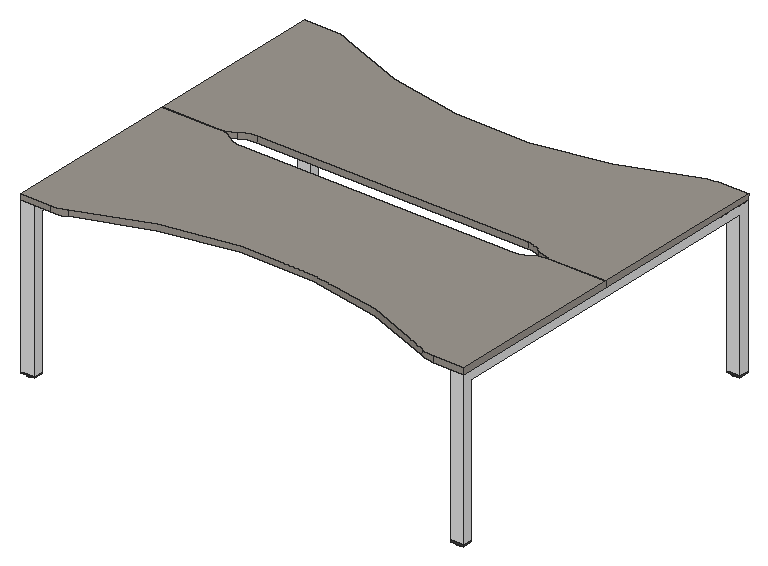
Revit family "Double Wave Double Sided 1600 Deep", category Furniture, Revit 2016
Family settings
  OmniClass Number = 23.40.20.00
  OmniClass Title = General Furniture and Specialties
  Work Plane-Based = No
  Always vertical = Yes
  Cut with Voids When Loaded = No
  Shared = No
  Room Calculation Point = No
Parameters (values of type "2000 x 1600")
  Width = 2000 mm
  URL = "www.gof.co.uk"
  Type Comments = ""
  Range = "MESA"
  Product Code = "MEFD2016"
  Desktop = Gresham - Nordic Ash
  Model = ""
  Manufacturer = "Gresham Office Furniture"  # constant formula
  Frame = Gresham - Black Metal
  Foot = Gresham - Black Plastic
  Assembly Code = "E2020200"
Types (3, lengths in mm): name | Width | Product Code
  1600 x 1600 | 1600 | "MEFD1616"
  1800 x 1600 | 1800 | "MEFD1816"
  2000 x 1600 | 2000 | "MEFD2016"
Reference planes
  plane 1 "600 Center": y = 200
  plane 2: z = 0
  plane 3 "Center (Left/Right)": x = 0
  plane 4: x = -1000
  plane 5: x = 1000
  plane 6 "Desktop Underside": z = 702
  plane 7 "Center (Front/Back)": y = 600
  plane 8: y = -200
  plane 9 "Foot": z = 10
  plane 10: y = 1400
Forms (mm)
  Extrusion 1, solid, material "Gresham - Black Metal" <- "Frame"
    sketch origin (0, 0, 0) x (0, 1, 0) y (0, 0, 1)
      loop
        line (220, 662) -> (220, 702) -> (180, 702) -> (180, 662) -> (220, 662)
    from -937.5 to 937.5
  Extrusion 2, solid, material "Gresham - Black Metal" <- "Frame"
    sketch origin (0, 1200, 0) x (0, -1, 0) y (0, 0, -1)
      loop
        line (220, -662) -> (180, -662) -> (180, -702) -> (220, -702) -> (220, -662)
    from -937.5 to 937.5
  Extrusion 3, solid, material "Gresham - Nordic Ash" <- "Desktop"
    sketch origin (0, 0, 702) x (-1, 0, 0) y (0, -1, 0)
      loop
        line (750, -600) -> (1000, -600) -> (1000, 200) -> (863.111, 200)
        arc (863.111, 200) -> (829.249, 196.128) -> (797.135, 184.711) r 150
        arc (797.135, 184.711) -> (0, -0.01) -> (-797.135, 184.711) r 1812.317
        arc (-797.135, 184.711) -> (-829.249, 196.128) -> (-863.111, 200) r 150
        line (-863.111, 200) -> (-1000, 200) -> (-1000, -600) -> (-750, -600)
        arc (-750, -600) -> (-713.236, -594.237) -> (-680, -577.5) r 120.139
        arc (-680, -577.5) -> (-646.764, -560.763) -> (-610, -555) r 120.139
        line (-610, -555) -> (610, -555)
        arc (610, -555) -> (646.764, -560.763) -> (680, -577.5) r 120.139
        arc (680, -577.5) -> (713.236, -594.237) -> (750, -600) r 120.139
    from 0 to 25
  Extrusion 4, solid, material "Gresham - Nordic Ash" <- "Desktop"
    sketch origin (0, 1200, 702) x (-1, 0, 0) y (0, -1, 0)
      loop
        arc (750, 600) -> (713.236, 594.237) -> (680, 577.5) r 120.139
        arc (680, 577.5) -> (646.764, 560.763) -> (610, 555) r 120.139
        line (610, 555) -> (-610, 555)
        arc (-610, 555) -> (-646.764, 560.763) -> (-680, 577.5) r 120.139
        arc (-680, 577.5) -> (-713.236, 594.237) -> (-750, 600) r 120.139
        line (-750, 600) -> (-1000, 600) -> (-1000, -200) -> (-863.111, -200)
        arc (-863.111, -200) -> (-829.249, -196.128) -> (-797.135, -184.711) r 150
        arc (-797.135, -184.711) -> (0, 0.01) -> (797.135, -184.711) r 1812.317
        arc (797.135, -184.711) -> (829.249, -196.128) -> (863.111, -200) r 150
        line (863.111, -200) -> (1000, -200) -> (1000, 600) -> (750, 600)
    from 0 to 25
Dimensions and locks
  locked: plane 6 "Desktop Underside" to plane 2 at 702
  equal spacing: plane 4, plane 3 "Center (Left/Right)", plane 5
  "Width": plane 4 to plane 5
  equal spacing: plane 7 "Center (Front/Back)", plane 1 "600 Center", plane 8
  plane 7 "Center (Front/Back)" to plane 8 = 800 mm
  locked: nested 1 to plane 8 at 2.5
  locked: nested 1 to plane 5 at 2.5
  locked: plane 4 to nested 2 at 2.5
  locked: nested 2 to plane 8 at 2.5
  locked: Extrusion 1 to nested 1 at 60
  locked: nested 2 to Extrusion 1 at 60
  locked: plane 8 to plane 10 at 1600
  locked: Extrusion 3 sketch curve to Extrusion 3 sketch curve at 250  (x2)
  Extrusion 3 sketch curve to Extrusion 3 sketch curve = 136.889 mm  (x2)
  locked: Extrusion 4 sketch curve to Extrusion 4 sketch curve at 250  (x2)
  Extrusion 4 sketch curve to Extrusion 4 sketch curve = 136.889 mm  (x2)
  radius of Extrusion 3 sketch curve = 150 mm  (x2)
  radius of Extrusion 4 sketch curve = 150 mm  (x2)
  aligned and locked: level to plane 2
  aligned and locked: Extrusion 1 to Extrusion 2
  aligned and locked: Extrusion 2 to Extrusion 1
  aligned and locked: Extrusion 3 to plane 5
  aligned and locked: Extrusion 3 to plane 4
Automatic sketch dimensions
  Extrusion 1 sketch curve to plane 6 "Desktop Underside" = 0 mm
  plane 1 "600 Center" to Extrusion 1 sketch curve = 20 mm
  Extrusion 1 sketch curve to plane 1 "600 Center" = 20 mm
  Extrusion 1 sketch curve to plane 6 "Desktop Underside" = 40 mm
  Extrusion 2 sketch curve to plane 6 "Desktop Underside" = 0 mm
  plane 6 "Desktop Underside" to Extrusion 2 sketch curve = 40 mm
  Extrusion 2 sketch curve to plane 10 = 380 mm
  Extrusion 2 sketch curve to Extrusion 2 sketch curve = 40 mm
  Extrusion 3 sketch curve to plane 5 = 0 mm
  Extrusion 3 sketch curve to plane 3 "Center (Left/Right)" = 0 mm
  Extrusion 3 sketch curve to plane 7 "Center (Front/Back)" = 0 mm  (x2)
  Extrusion 3 sketch curve to plane 8 = 0 mm  (x2)
  Extrusion 3 sketch curve to plane 4 = 0 mm
  Extrusion 3 sketch curve to plane 7 "Center (Front/Back)" = 45 mm
  Extrusion 3 sketch curve to Extrusion 3 sketch curve = 140 mm  (x2)
  plane 7 "Center (Front/Back)" to Extrusion 3 sketch curve = 75.139 mm  (x2)
  Extrusion 3 sketch curve to plane 7 "Center (Front/Back)" = 120.139 mm
  Extrusion 3 sketch curve to Extrusion 3 sketch curve = 120.139 mm
  Extrusion 3 sketch curve to plane 8 = 1612.307 mm
  Extrusion 3 sketch curve to Extrusion 3 sketch curve = 0 mm
  Extrusion 4 sketch curve to plane 5 = 0 mm
  Extrusion 4 sketch curve to plane 3 "Center (Left/Right)" = 0 mm
  Extrusion 4 sketch curve to plane 7 "Center (Front/Back)" = 0 mm  (x2)
  plane 10 to Extrusion 4 sketch curve = 0 mm  (x2)
  Extrusion 4 sketch curve to plane 4 = 0 mm
  plane 7 "Center (Front/Back)" to Extrusion 4 sketch curve = 45 mm
  Extrusion 4 sketch curve to Extrusion 4 sketch curve = 140 mm  (x2)
  Extrusion 4 sketch curve to plane 7 "Center (Front/Back)" = 75.139 mm  (x2)
  Extrusion 4 sketch curve to plane 10 = 1612.307 mm
  Extrusion 4 sketch curve to Extrusion 4 sketch curve = 120.139 mm
  plane 7 "Center (Front/Back)" to Extrusion 4 sketch curve = 120.139 mm
  Extrusion 4 sketch curve to Extrusion 4 sketch curve = 0 mm
Nested families
  nested 1: "1600 Mesa Leg" at (600, 600, 0), type "1600 Mesa Leg"
  nested 2: "1600 Mesa Leg" at (-600, 600, 0) x (-1, 0, 0) z (0, 0, 1), type "1600 Mesa Leg"
Definition of nested family "1600 Mesa Leg"
  Parameters (values of type "1600 Mesa Leg")
    Width = 800 mm
    URL = "www.gof.co.uk"
    Type Comments = ""
    Range = "MESA"
    Product Code = "1600 Leg"
    Model = ""
    Manufacturer = "Gresham Office Furniture"  # constant formula
    Frame = none
    Foot = none
    Assembly Code = "E2020200"
  Reference planes
    plane 1 "Center (Front/Back)": y = 0
    plane 2: z = 0
    plane 3 "Center (Left/Right)": x = 0
    plane 4: x = -400
    plane 5: x = 400
    plane 6 "Desktop Underside": z = 702
    plane 7: y = 800
    plane 8: y = -800
    plane 9 "Foot": z = 10
  Forms (mm)
    Extrusion 1, solid, material <- "Frame"
      sketch origin (997.5, 311.693, 702) x (0, -1, 0) y (0, 0, 1)
        loop
          line (183.606, 0) -> (-485.807, 0) -> (-485.807, -692) -> (-445.807, -692) -> (-445.807, -40) -> (1069.193, -40) -> (1069.193, -692) -> (1109.193, -692) -> (1109.193, 0) -> (183.606, 0)
      from 600 to 660
    Extrusion 2, solid, material <- "Foot"
      sketch origin (481.991, 484.546, 10) x (-0.707107, 0.707107, 0) y (-0.707107, -0.707107, 0)
        loop
          line (-804.373, 1008.714) -> (-846.799, 966.287) -> (-818.515, 938.003) -> (-776.088, 980.43) -> (-804.373, 1008.714)
        loop
          line (323.463, -119.122) -> (295.178, -90.837) -> (252.752, -133.264) -> (281.036, -161.548) -> (323.463, -119.122)
      from 0 to -5
    Extrusion 3, solid
      sketch origin (487.674, 479.532, 0) x (0.707107, -0.707107, 0) y (0.707107, 0.707107, 0)
        loop
          circle (-295.671, 125.72) r 18
        loop
          circle (803.88, -973.831) r 18
      from 0 to 5
  Dimensions and locks
    locked: plane 6 "Desktop Underside" to plane 2 at 702
    equal spacing: plane 4, plane 3 "Center (Left/Right)", plane 5
    "Width": plane 4 to plane 5
    equal spacing: plane 7, plane 1 "Center (Front/Back)", plane 8
    plane 7 to plane 8 = 1600 mm
    Extrusion 1 sketch curve to Extrusion 1 sketch curve = 40 mm  (x2)
    locked: Extrusion 1 to plane 8 at 2.5
    locked: plane 7 to Extrusion 1 at 2.5
    Extrusion 1 to Extrusion 2 sketch curve = 40 mm
    locked: Extrusion 1 to Extrusion 1 at 60
    locked: plane 7 to Extrusion 3 sketch curve at 22.5
    locked: Extrusion 3 sketch curve to plane 5 at 32.5  (x2)
    locked: Extrusion 3 sketch curve to plane 8 at 22.5
    locked: Extrusion 1 to plane 5 at 2.5
    aligned and locked: level to plane 2
  Automatic sketch dimensions
    Extrusion 1 sketch curve to plane 6 "Desktop Underside" = 0 mm
    Extrusion 1 sketch curve to plane 9 "Foot" = 0 mm  (x2)
    Extrusion 1 sketch curve to plane 1 "Center (Front/Back)" = 128.087 mm
    plane 5 to Extrusion 2 sketch curve = 2.5 mm
    plane 8 to Extrusion 2 sketch curve = 2.5 mm
    Extrusion 2 sketch curve to Extrusion 2 sketch curve = 28.284 mm  (x3)
    Extrusion 2 sketch curve to Extrusion 2 sketch curve = 42.426 mm  (x2)
    Extrusion 2 sketch curve to Extrusion 2 sketch curve = 1071.267 mm
    Extrusion 1 sketch curve to plane 7 = 42.5 mm
    plane 8 to Extrusion 1 sketch curve = 42.5 mm
    Extrusion 1 sketch curve to plane 6 "Desktop Underside" = 40 mm
    radius of Extrusion 3 sketch curve = 18 mm  (x2)
